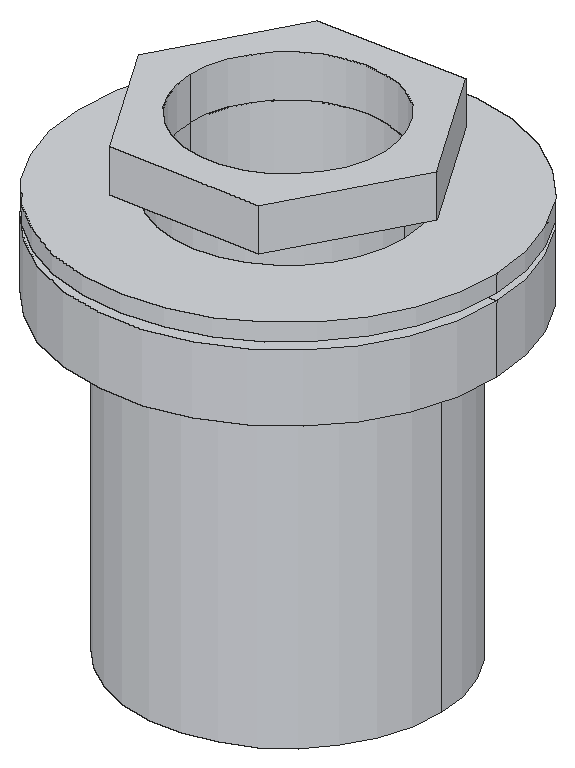
Revit family "FCS1G", category Generic Models, Revit 2017
Family settings
  Can host rebar = No
  Round Connector Dimension = Use Diameter
  Part Type = Normal
  Work Plane-Based = Yes
  Always vertical = No
  Cut with Voids When Loaded = No
  Shared = No
  Room Calculation Point = No
Parameters (values of type "NBS Standard Parameters")
  Weight = "0.0732Kg"
  WarrantyStartDate [instance] = "1900-12-31T23:59:59"
  WarrantyGuarantorParts = "n/a"
  WarrantyGuarantorLabor = "n/a"
  WarrantyDurationUnit = "1 year"
  WarrantyDurationParts = "n/a"
  WarrantyDurationLabor = "n/a"
  WarrantyDescription = "n/a"
  Version = "1"
  Uniclass2 = "Pr_65_70_11_20"
  TagNumber [instance] = "n/a"
  SustainabilityPerformance = "n/a"
  Size = "20mm"
  Shape = "Circular"
  SerialNumber [instance] = "n/a"
  Revision = "n/a"
  ReplacementCost = "n/a"
  ProductInformation = "www.metpro.co.uk/pdf/FCS1G.pdf"
  NominalWidth = 30 mm
  NominalLength = 30 mm
  NominalHeight = 35 mm
  Name = ""
  NBSTypeID = ""
  NBSReference = "90-55-10/460"
  NBSOfficeMasterTag = ""
  NBSNote = ""
  NBSDescription = "Conduit Fittings"
  NBSCertification = ""
  ModelReference = "FCS1G"
  ModelNumber = "n/a"
  Material = "Steel Body, Lead Washer and Brass Bush"
  ManufacturerURL = "www.metpro.co.uk"
  ManufacturerName = "Metpro Ltd"
  Keynote = "Compliant to LU standard 1-085"
  InstallationDate [instance] = "1900-12-31T23:59:59"
  IfcExportType = ""
  IfcExportAs = ""
  Grade = "n/a"
  Finish = "Galvanised"
  Features = "n/a"
  ExpectedLife = "n/a"
  DurationUnit = "year"
  Description = "FCS1G 20mm Flange Coupler"
  Default Elevation = 1219.2 mm
  Constituents = "n/a"
  Color = "n/a"
  CodePerformance = "n/a"
  Category = "n/a"
  BarCode [instance] = "n/a"
  BIMObjectName = "Metpro_metprolibrary_conduitfittings_metalcomponent_Steelaccessories"
  Author = "Metpro Limited"
  AssetType = ""
  AssetIdentifier [instance] = "n/a"
  AccessibilityPerformance = "n/a"
Reference planes
  plane 1 "Center (Front/Back)": y = 0
  plane 2: z = 0
  plane 3 "Center (Left/Right)": x = 0
Forms (mm)
  Revolve 1, solid
    sketch origin (10.708, -7.188, 0) x (1, 0, 0) y (0, 0, -1)
      loop
        line (-12.656, -17.18) -> (-5.156, -17.18) -> (-5.156, -11.68) -> (-8.656, -11.68)
        arc (-8.656, -11.68) -> (-9.364, -11.387) -> (-9.656, -10.68) r 1
        line (-9.656, -10.68) -> (-9.656, 14.32) -> (-12.656, 14.32) -> (-12.656, -17.18)
      axis (-22.156, -17.18) -> (-22.156, 14.32)
    angle from 0 to 360
  Extrusion 2, solid
    sketch origin (-11.449, -7.188, 17.18) x (0, -1, 0) y (1, 0, 0)
      loop
        circle (0, 0) r 17
      loop
        circle (0, 0) r 9.5
    from 0.623 to 2.023
  Extrusion 3, solid
    sketch origin (-11.449, -7.188, 17.18) x (0, -1, 0) y (1, 0, 0)
      loop
        circle (0, 0) r 9.5
      loop
        circle (0, 0) r 7.956
    from -4.85 to 4.239
  Extrusion 4, solid
    sketch origin (-11.449, -7.188, 21.419) x (0, -1, 0) y (1, 0, 0)
      loop
        line (-10.505, -6.065) -> (0, -12.13) -> (10.505, -6.065) -> (10.505, 6.065) -> (0, 12.13) -> (-10.505, 6.065) -> (-10.505, -6.065)
      loop
        circle (0, 0) r 7.956
    from 0 to 3.5
Dimensions and locks
  aligned and locked: level to plane 2
